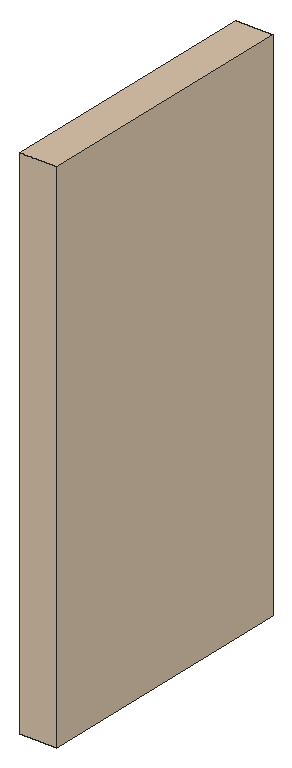
Revit family "Haworth_Patterns_FileEnclosureVertical", category Furniture Systems, Revit 2018
Family settings
  Round Connector Dimension = Use Diameter
  Part Type = Normal
  OmniClass Number = 23.40.70.14.64.21
  OmniClass Title = Systems Furniture
  Work Plane-Based = No
  Always vertical = Yes
  Cut with Voids When Loaded = No
  Shared = No
  Room Calculation Point = No
Parameters (values of type "42h 22d")
  Warranty = "http://www.haworth.com/resources/product-info/warranties"
  URL - Product = "https://www.haworth.com/na/en/products/collaborative-conference/patterns.html"
  Type Comments = ""
  Sustainability Info = "http://www.haworth.com/company-info/sustainability"
  Standard Outside Height = "30.5, 42.5, 54.5, 66.5 in."  # constant formula
  Size = "Verify Final Dim. w/ Haworth"  # constant formula
  Vertical Width = 3"  # constant formula
  Standard Depths = "22, 42 in."  # constant formula
  Model = "Haworth - Patterns File Enclosure - Vertical"  # constant formula
  Min. Height = 30 1/2"  # constant formula
  Min. Depth = 22"  # constant formula
  Max. Height = 66 1/2"  # constant formula
  Max. Depth = 42"  # constant formula
  Height = 42 1/2"
  Description = "Haworth - Patterns File Enclosure - Vertical"  # constant formula
  Depth = 22"
  Bench Finish = Haworth _ Wood _ White Oak
  Assembly Code = "E2020200"
  URL = "https://www.haworth.com/na/en.html"
  Revision Number = "2"  # constant formula
  Min. Width = 3"  # constant formula
  Max. Width = 3"  # constant formula
  Manufacturer = "Haworth"  # constant formula
  Author = "Haworth (Hampton)"  # constant formula
  Actual Width = if(Vertical Width > Max. Width, Max. Width, if(Vertical Width < Min. Width, Min. Width, Vertical Width))  # 3"
  Actual Height = if(Height > Max. Height, Max. Height, if(Height < Min. Height, Min. Height, Height))  # 42 1/2"
  Actual Depth = if(Depth > Max. Depth, Max. Depth, if(Depth < Min. Depth, Min. Depth, Depth))  # 22"
Reference planes (in)
  plane 1 "Bench Back": y = 0
  plane 2: z = 0
  plane 3 "Center L/R": x = 0
  plane 4 "Bench Front": y = -22
  plane 5 "Bench Left": x = -1.5
  plane 6 "Bench Right": x = 1.5
  plane 7 "Inside Left": x = 1.5
  plane 8 "Right inside": x = -1.5
  plane 9 "Bench Top": z = 42.5
  plane 10 "Bottom of Shelf": z = 5.5
  plane 11 "Bottom of Beam": z = 6.5
  plane 12 "Beam Center": y = -11
  plane 13: x = 0
  plane 14: x = 0
  plane 15 "Center Right": x = 1.5
  plane 16 "Center Left": x = -1.5
Forms (in)
  Extrusion 1, solid, material "Haworth _ Wood _ White Oak" <- "Bench Finish"
    sketch origin (0, 0, 0) x (1, 0, 0) y (0, 1, 0)
      loop
        line (-1.5, 0) -> (-1.5, -22) -> (1.5, -22) -> (1.5, 0) -> (-1.5, 0)
    from 0 to 42.5
  Extrusion 2, solid, material "Haworth _ Wood _ White Oak" <- "Bench Finish"
    sketch origin (0, 0, 0) x (-1, 0, 0) y (0, -1, 0)
      loop
        line (-1.5, 0) -> (1.5, 0) -> (1.5, 22) -> (-1.5, 22) -> (-1.5, 0)
    from 0 to 42.5
Lines and regions (in)
  Masking region 1
    outline origin (0, 0, 0) x (1, 0, 0) y (0, 1, 0)
      loop
        line (-1.5, 0) -> (-1.5, -22) -> (1.5, -22) -> (1.5, 0) -> (-1.5, 0)
Dimensions and locks (in)
  "Actual Depth": plane 4 "Bench Front" to plane 1 "Bench Back"
  "Actual Width": plane 5 "Bench Left" to plane 6 "Bench Right"
  equal spacing: plane 5 "Bench Left", plane 3 "Center L/R", plane 6 "Bench Right"
  locked: plane 5 "Bench Left" to plane 7 "Inside Left" at 3
  locked: plane 8 "Right inside" to plane 6 "Bench Right" at 3
  "Actual Height": plane 9 "Bench Top" to plane 2
  equal spacing: plane 4 "Bench Front", plane 12 "Beam Center", plane 1 "Bench Back"
  locked: plane 11 "Bottom of Beam" to plane 10 "Bottom of Shelf" at 1
  locked: plane 10 "Bottom of Shelf" to level at 5.5
  equal spacing: plane 16 "Center Left", plane 13, plane 7 "Inside Left"
  equal spacing: plane 8 "Right inside", plane 14, plane 15 "Center Right"
  equal spacing: plane 16 "Center Left", plane 3 "Center L/R", plane 15 "Center Right"
  locked: plane 16 "Center Left" to plane 15 "Center Right" at 3
  "Actual Height": plane 9 "Bench Top" to level
  aligned and locked: plane 7 "Inside Left" to Extrusion 1 sketch curve
  aligned and locked: Extrusion 1 sketch curve to plane 5 "Bench Left"
  aligned and locked: plane 4 "Bench Front" to Extrusion 1 sketch curve
  aligned and locked: plane 1 "Bench Back" to Extrusion 1 sketch curve
  aligned and locked: plane 9 "Bench Top" to Extrusion 1
  aligned and locked: Extrusion 2 to level
  aligned and locked: plane 9 "Bench Top" to Extrusion 2
  aligned and locked: plane 6 "Bench Right" to Extrusion 2
  aligned: Extrusion 2 to plane 8 "Right inside"
  aligned and locked: Extrusion 2 to plane 4 "Bench Front"
  aligned and locked: Extrusion 2 to plane 1 "Bench Back"
  aligned and locked: Masking region 1 sketch curve to Extrusion 1  (x2)
  aligned and locked: Extrusion 2 to Masking region 1 sketch curve
  aligned and locked: Masking region 1 sketch curve to Extrusion 2
  aligned and locked: Extrusion 2 to plane 8 "Right inside"
Automatic sketch dimensions
  plane 4 "Bench Front" to Extrusion 2 sketch curve = 0"
  Extrusion 2 sketch curve to plane 6 "Bench Right" = 0"
  plane 8 "Right inside" to Extrusion 2 sketch curve = 0"
  plane 1 "Bench Back" to Extrusion 2 sketch curve = 0"
